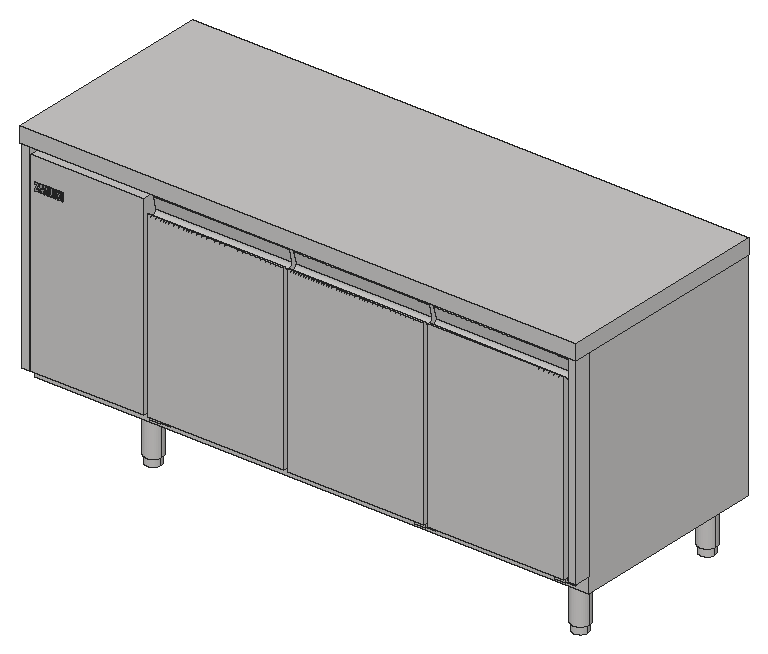
Revit family "QF_ZANUSSI_713607_ZHF3BL", category Attrezzature speciali, Revit 2018 (continued)
Definition of nested family "HPP_ZAN_BI_BT_L"
  Lines and regions (mm)
    Split face 117
      outline origin (347.5, -951.3, 50) x (1, 0, 0) y (0, 1, 0)
        loop
          line (-340.964, 599.474) -> (-298.964, 599.474)
          arc (-298.964, 599.474) -> (-294.964, 603.474) -> (-298.964, 607.474) r 4
          line (-298.964, 607.474) -> (-340.964, 607.474)
    Split face 118
      outline origin (92.5, -951.3, 50) x (1, 0, 0) y (0, 1, 0)
        loop
          arc (-305.964, 607.474) -> (-309.964, 603.474) -> (-305.964, 599.474) r 4
          line (-305.964, 599.474) -> (-263.964, 599.474)
          arc (-263.964, 599.474) -> (-259.964, 603.474) -> (-263.964, 607.474) r 4
          line (-263.964, 607.474) -> (-305.964, 607.474)
    Split face 119
      outline origin (237.5, -951.3, 50) x (1, 0, 0) y (0, 1, 0)
        loop
          arc (-285.964, 607.474) -> (-289.964, 603.474) -> (-285.964, 599.474) r 4
          line (-285.964, 599.474) -> (-243.964, 599.474)
          arc (-243.964, 599.474) -> (-239.964, 603.474) -> (-243.964, 607.474) r 4
          line (-243.964, 607.474) -> (-285.964, 607.474)
    Split face 120
      outline origin (-17.5, -975.3, 50) x (1, 0, 0) y (0, 1, 0)
        loop
          arc (-250.964, 619.474) -> (-254.964, 615.474) -> (-250.964, 611.474) r 4
          line (-250.964, 611.474) -> (-208.964, 611.474)
          arc (-208.964, 611.474) -> (-204.964, 615.474) -> (-208.964, 619.474) r 4
          line (-208.964, 619.474) -> (-250.964, 619.474)
    Split face 121
      outline origin (347.5, -975.3, 50) x (1, 0, 0) y (0, 1, 0)
        loop
          arc (-340.964, 619.474) -> (-344.964, 615.474) -> (-340.964, 611.474) r 4
          line (-340.964, 611.474) -> (-298.964, 611.474)
          arc (-298.964, 611.474) -> (-294.964, 615.474) -> (-298.964, 619.474) r 4
          line (-298.964, 619.474) -> (-340.964, 619.474)
    Split face 122
      outline origin (92.5, -975.3, 50) x (1, 0, 0) y (0, 1, 0)
        loop
          arc (-305.964, 619.474) -> (-309.964, 615.474) -> (-305.964, 611.474) r 4
          line (-305.964, 611.474) -> (-263.964, 611.474)
          arc (-263.964, 611.474) -> (-259.964, 615.474) -> (-263.964, 619.474) r 4
          line (-263.964, 619.474) -> (-305.964, 619.474)
    Split face 123
      outline origin (237.5, -975.3, 50) x (1, 0, 0) y (0, 1, 0)
        loop
          arc (-285.964, 619.474) -> (-289.964, 615.474) -> (-285.964, 611.474) r 4
          line (-285.964, 611.474) -> (-243.964, 611.474)
          arc (-243.964, 611.474) -> (-239.964, 615.474) -> (-243.964, 619.474) r 4
          line (-243.964, 619.474) -> (-285.964, 619.474)
    Split face 124
      outline origin (-17.5, -999.3, 50) x (1, 0, 0) y (0, 1, 0)
        loop
          arc (-250.964, 631.474) -> (-254.964, 627.474) -> (-250.964, 623.474) r 4
          line (-250.964, 623.474) -> (-208.964, 623.474)
          arc (-208.964, 623.474) -> (-204.964, 627.474) -> (-208.964, 631.474) r 4
          line (-208.964, 631.474) -> (-250.964, 631.474)
    Split face 125
      outline origin (347.5, -999.3, 50) x (1, 0, 0) y (0, 1, 0)
        loop
          arc (-340.964, 631.474) -> (-344.964, 627.474) -> (-340.964, 623.474) r 4
          line (-340.964, 623.474) -> (-298.964, 623.474)
          arc (-298.964, 623.474) -> (-294.964, 627.474) -> (-298.964, 631.474) r 4
          line (-298.964, 631.474) -> (-340.964, 631.474)
    Split face 126
      outline origin (92.5, -999.3, 50) x (1, 0, 0) y (0, 1, 0)
        loop
          arc (-305.964, 631.474) -> (-309.964, 627.474) -> (-305.964, 623.474) r 4
          line (-305.964, 623.474) -> (-263.964, 623.474)
          arc (-263.964, 623.474) -> (-259.964, 627.474) -> (-263.964, 631.474) r 4
          line (-263.964, 631.474) -> (-305.964, 631.474)
    Split face 127
      outline origin (237.5, -999.3, 50) x (1, 0, 0) y (0, 1, 0)
        loop
          arc (-285.964, 631.474) -> (-289.964, 627.474) -> (-285.964, 623.474) r 4
          line (-285.964, 623.474) -> (-243.964, 623.474)
          arc (-243.964, 623.474) -> (-239.964, 627.474) -> (-243.964, 631.474) r 4
          line (-243.964, 631.474) -> (-285.964, 631.474)
    Split face 128
      outline origin (-17.5, -1023.3, 50) x (1, 0, 0) y (0, 1, 0)
        loop
          arc (-250.964, 643.474) -> (-254.964, 639.474) -> (-250.964, 635.474) r 4
          line (-250.964, 635.474) -> (-208.964, 635.474)
          arc (-208.964, 635.474) -> (-204.964, 639.474) -> (-208.964, 643.474) r 4
          line (-208.964, 643.474) -> (-250.964, 643.474)
    Split face 129
      outline origin (347.5, -1023.3, 50) x (1, 0, 0) y (0, 1, 0)
        loop
          arc (-340.964, 643.474) -> (-344.964, 639.474) -> (-340.964, 635.474) r 4
          line (-340.964, 635.474) -> (-298.964, 635.474)
          arc (-298.964, 635.474) -> (-294.964, 639.474) -> (-298.964, 643.474) r 4
          line (-298.964, 643.474) -> (-340.964, 643.474)
    Split face 130
      outline origin (92.5, -1023.3, 50) x (1, 0, 0) y (0, 1, 0)
        loop
          arc (-305.964, 643.474) -> (-309.964, 639.474) -> (-305.964, 635.474) r 4
          line (-305.964, 635.474) -> (-263.964, 635.474)
          arc (-263.964, 635.474) -> (-259.964, 639.474) -> (-263.964, 643.474) r 4
          line (-263.964, 643.474) -> (-305.964, 643.474)
    Split face 131
      outline origin (237.5, -1023.3, 50) x (1, 0, 0) y (0, 1, 0)
        loop
          arc (-285.964, 643.474) -> (-289.964, 639.474) -> (-285.964, 635.474) r 4
          line (-285.964, 635.474) -> (-243.964, 635.474)
          arc (-243.964, 635.474) -> (-239.964, 639.474) -> (-243.964, 643.474) r 4
          line (-243.964, 643.474) -> (-285.964, 643.474)
    Split face 132
      outline origin (0, 0, 50) x (1, 0, 0) y (0, 1, 0)
        loop
          arc (-198.305, 119) -> (-179.016, 127.543) -> (-163.366, 141.689) r 66.613
          arc (-163.366, 141.689) -> (-159.055, 152.578) -> (-161.639, 164) r 19.83
    Split face 133
      outline origin (0, 0, 50) x (1, 0, 0) y (0, 1, 0)
        loop
          arc (-186.275, 119) -> (-172.312, 128.003) -> (-161.038, 140.208) r 66.007
          arc (-161.038, 140.208) -> (-157.063, 151.991) -> (-160.294, 164) r 21.447
    Split face 134
      outline origin (-10, 0, 50) x (1, 0, 0) y (0, 1, 0)
        loop
          line (29.08, 150) -> (29.08, 142.5) -> (36.58, 142.5) -> (36.58, 150) -> (29.08, 150)
    Split face 135
      outline origin (-10, 0, 50) x (1, 0, 0) y (0, 1, 0)
        loop
          line (19.58, 150) -> (19.58, 142.5) -> (27.08, 142.5) -> (27.08, 150) -> (19.58, 150)
    Split face 136
      outline origin (-10, 0, 50) x (1, 0, 0) y (0, 1, 0)
        loop
          line (19.58, 140.5) -> (19.58, 133) -> (27.08, 133) -> (27.08, 140.5) -> (19.58, 140.5)
    Split face 137
      outline origin (-0.5, 0, 50) x (1, 0, 0) y (0, 1, 0)
        loop
          line (19.58, 140.5) -> (19.58, 133) -> (27.08, 133) -> (27.08, 140.5) -> (19.58, 140.5)
    Split face 138
      outline origin (237.5, 0, 50) x (1, 0, 0) y (0, 1, 0)
        loop
          arc (-340.964, 107.824) -> (-344.964, 103.824) -> (-340.964, 99.824) r 4
          line (-340.964, 99.824) -> (-298.964, 99.824)
          arc (-298.964, 99.824) -> (-294.964, 103.824) -> (-298.964, 107.824) r 4
          line (-298.964, 107.824) -> (-340.964, 107.824)
    Split face 139
      outline origin (237.5, -24, 50) x (1, 0, 0) y (0, 1, 0)
        loop
          arc (-340.964, 119.824) -> (-344.964, 115.824) -> (-340.964, 111.824) r 4
          line (-340.964, 111.824) -> (-298.964, 111.824)
          arc (-298.964, 111.824) -> (-294.964, 115.824) -> (-298.964, 119.824) r 4
          line (-298.964, 119.824) -> (-340.964, 119.824)
    Split face 140
      outline origin (237.5, -48, 50) x (1, 0, 0) y (0, 1, 0)
        loop
          arc (-340.964, 131.824) -> (-344.964, 127.824) -> (-340.964, 123.824) r 4
          line (-340.964, 123.824) -> (-298.964, 123.824)
          arc (-298.964, 123.824) -> (-294.964, 127.824) -> (-298.964, 131.824) r 4
          line (-298.964, 131.824) -> (-340.964, 131.824)
    Split face 141
      outline origin (237.5, -72, 50) x (1, 0, 0) y (0, 1, 0)
        loop
          arc (-340.964, 143.824) -> (-344.964, 139.824) -> (-340.964, 135.824) r 4
          line (-340.964, 135.824) -> (-298.964, 135.824)
          arc (-298.964, 135.824) -> (-294.964, 139.824) -> (-298.964, 143.824) r 4
          line (-298.964, 143.824) -> (-340.964, 143.824)
    Split face 142
      outline origin (237.5, -96, 50) x (1, 0, 0) y (0, 1, 0)
        loop
          arc (-340.964, 155.824) -> (-344.964, 151.824) -> (-340.964, 147.824) r 4
          line (-340.964, 147.824) -> (-298.964, 147.824)
          arc (-298.964, 147.824) -> (-294.964, 151.824) -> (-298.964, 155.824) r 4
          line (-298.964, 155.824) -> (-340.964, 155.824)
    Split face 143
      outline origin (237.5, -120, 50) x (1, 0, 0) y (0, 1, 0)
        loop
          arc (-340.964, 167.824) -> (-344.964, 163.824) -> (-340.964, 159.824) r 4
          line (-340.964, 159.824) -> (-298.964, 159.824)
          arc (-298.964, 159.824) -> (-294.964, 163.824) -> (-298.964, 167.824) r 4
          line (-298.964, 167.824) -> (-340.964, 167.824)
    Split face 144
      outline origin (237.5, -144, 50) x (1, 0, 0) y (0, 1, 0)
        loop
          arc (-340.964, 179.824) -> (-344.964, 175.824) -> (-340.964, 171.824) r 4
          line (-340.964, 171.824) -> (-298.964, 171.824)
          arc (-298.964, 171.824) -> (-294.964, 175.824) -> (-298.964, 179.824) r 4
          line (-298.964, 179.824) -> (-340.964, 179.824)
    Split face 145
      outline origin (237.5, -168, 50) x (1, 0, 0) y (0, 1, 0)
        loop
          arc (-340.964, 191.824) -> (-344.964, 187.824) -> (-340.964, 183.824) r 4
          line (-340.964, 183.824) -> (-298.964, 183.824)
          arc (-298.964, 183.824) -> (-294.964, 187.824) -> (-298.964, 191.824) r 4
          line (-298.964, 191.824) -> (-340.964, 191.824)
    Split face 146
      outline origin (237.5, -192, 50) x (1, 0, 0) y (0, 1, 0)
        loop
          arc (-340.964, 203.824) -> (-344.964, 199.824) -> (-340.964, 195.824) r 4
          line (-340.964, 195.824) -> (-298.964, 195.824)
          arc (-298.964, 195.824) -> (-294.964, 199.824) -> (-298.964, 203.824) r 4
          line (-298.964, 203.824) -> (-340.964, 203.824)
    Split face 147
      outline origin (237.5, -216, 50) x (1, 0, 0) y (0, 1, 0)
        loop
          arc (-340.964, 215.824) -> (-344.964, 211.824) -> (-340.964, 207.824) r 4
          line (-340.964, 207.824) -> (-298.964, 207.824)
          arc (-298.964, 207.824) -> (-294.964, 211.824) -> (-298.964, 215.824) r 4
          line (-298.964, 215.824) -> (-340.964, 215.824)
    Split face 148
      outline origin (237.5, -240, 50) x (1, 0, 0) y (0, 1, 0)
        loop
          arc (-340.964, 227.824) -> (-344.964, 223.824) -> (-340.964, 219.824) r 4
          line (-340.964, 219.824) -> (-298.964, 219.824)
          arc (-298.964, 219.824) -> (-294.964, 223.824) -> (-298.964, 227.824) r 4
          line (-298.964, 227.824) -> (-340.964, 227.824)
    Split face 149
      outline origin (237.5, -264, 50) x (1, 0, 0) y (0, 1, 0)
        loop
          arc (-340.964, 239.824) -> (-344.964, 235.824) -> (-340.964, 231.824) r 4
          line (-340.964, 231.824) -> (-298.964, 231.824)
          arc (-298.964, 231.824) -> (-294.964, 235.824) -> (-298.964, 239.824) r 4
          line (-298.964, 239.824) -> (-340.964, 239.824)
    Split face 150
      outline origin (237.5, -288, 50) x (1, 0, 0) y (0, 1, 0)
        loop
          arc (-340.964, 251.824) -> (-344.964, 247.824) -> (-340.964, 243.824) r 4
          line (-340.964, 243.824) -> (-298.964, 243.824)
          arc (-298.964, 243.824) -> (-294.964, 247.824) -> (-298.964, 251.824) r 4
          line (-298.964, 251.824) -> (-340.964, 251.824)
    Split face 151
      outline origin (237.5, -312, 50) x (1, 0, 0) y (0, 1, 0)
        loop
          arc (-340.964, 263.824) -> (-344.964, 259.824) -> (-340.964, 255.824) r 4
          line (-340.964, 255.824) -> (-298.964, 255.824)
          arc (-298.964, 255.824) -> (-294.964, 259.824) -> (-298.964, 263.824) r 4
          line (-298.964, 263.824) -> (-340.964, 263.824)
    Split face 152
      outline origin (237.5, -336, 50) x (1, 0, 0) y (0, 1, 0)
        loop
          arc (-340.964, 275.824) -> (-344.964, 271.824) -> (-340.964, 267.824) r 4
          line (-340.964, 267.824) -> (-298.964, 267.824)
          arc (-298.964, 267.824) -> (-294.964, 271.824) -> (-298.964, 275.824) r 4
          line (-298.964, 275.824) -> (-340.964, 275.824)
    Split face 153
      outline origin (237.5, -360, 50) x (1, 0, 0) y (0, 1, 0)
        loop
          arc (-340.964, 287.824) -> (-344.964, 283.824) -> (-340.964, 279.824) r 4
          line (-340.964, 279.824) -> (-298.964, 279.824)
          arc (-298.964, 279.824) -> (-294.964, 283.824) -> (-298.964, 287.824) r 4
          line (-298.964, 287.824) -> (-340.964, 287.824)
    Split face 154
      outline origin (237.5, -663.3, 50) x (1, 0, 0) y (0, 1, 0)
        loop
          arc (-340.964, 463.474) -> (-344.964, 459.474) -> (-340.964, 455.474) r 4
          line (-340.964, 455.474) -> (-298.964, 455.474)
          arc (-298.964, 455.474) -> (-294.964, 459.474) -> (-298.964, 463.474) r 4
          line (-298.964, 463.474) -> (-340.964, 463.474)
    Split face 155
      outline origin (237.5, -687.3, 50) x (1, 0, 0) y (0, 1, 0)
        loop
          arc (-340.964, 475.474) -> (-344.964, 471.474) -> (-340.964, 467.474) r 4
          line (-340.964, 467.474) -> (-298.964, 467.474)
          arc (-298.964, 467.474) -> (-294.964, 471.474) -> (-298.964, 475.474) r 4
          line (-298.964, 475.474) -> (-340.964, 475.474)
    Split face 156
      outline origin (237.5, -711.3, 50) x (1, 0, 0) y (0, 1, 0)
        loop
          arc (-340.964, 487.474) -> (-344.964, 483.474) -> (-340.964, 479.474) r 4
          line (-340.964, 479.474) -> (-298.964, 479.474)
          arc (-298.964, 479.474) -> (-294.964, 483.474) -> (-298.964, 487.474) r 4
          line (-298.964, 487.474) -> (-340.964, 487.474)
    Split face 157
      outline origin (237.5, -735.3, 50) x (1, 0, 0) y (0, 1, 0)
        loop
          arc (-340.964, 499.474) -> (-344.964, 495.474) -> (-340.964, 491.474) r 4
          line (-340.964, 491.474) -> (-298.964, 491.474)
          arc (-298.964, 491.474) -> (-294.964, 495.474) -> (-298.964, 499.474) r 4
          line (-298.964, 499.474) -> (-340.964, 499.474)
    Split face 158
      outline origin (237.5, -759.3, 50) x (1, 0, 0) y (0, 1, 0)
        loop
          arc (-340.964, 511.474) -> (-344.964, 507.474) -> (-340.964, 503.474) r 4
          line (-340.964, 503.474) -> (-298.964, 503.474)
          arc (-298.964, 503.474) -> (-294.964, 507.474) -> (-298.964, 511.474) r 4
          line (-298.964, 511.474) -> (-340.964, 511.474)
    Split face 159
      outline origin (237.5, -783.3, 50) x (1, 0, 0) y (0, 1, 0)
        loop
          arc (-340.964, 523.474) -> (-344.964, 519.474) -> (-340.964, 515.474) r 4
          line (-340.964, 515.474) -> (-298.964, 515.474)
          arc (-298.964, 515.474) -> (-294.964, 519.474) -> (-298.964, 523.474) r 4
          line (-298.964, 523.474) -> (-340.964, 523.474)
    Split face 160
      outline origin (237.5, -807.3, 50) x (1, 0, 0) y (0, 1, 0)
        loop
          arc (-340.964, 535.474) -> (-344.964, 531.474) -> (-340.964, 527.474) r 4
          line (-340.964, 527.474) -> (-298.964, 527.474)
          arc (-298.964, 527.474) -> (-294.964, 531.474) -> (-298.964, 535.474) r 4
          line (-298.964, 535.474) -> (-340.964, 535.474)
    Split face 161
      outline origin (237.5, -831.3, 50) x (1, 0, 0) y (0, 1, 0)
        loop
          arc (-340.964, 547.474) -> (-344.964, 543.474) -> (-340.964, 539.474) r 4
          line (-340.964, 539.474) -> (-298.964, 539.474)
          arc (-298.964, 539.474) -> (-294.964, 543.474) -> (-298.964, 547.474) r 4
          line (-298.964, 547.474) -> (-340.964, 547.474)
    Split face 162
      outline origin (237.5, -855.3, 50) x (1, 0, 0) y (0, 1, 0)
        loop
          arc (-340.964, 559.474) -> (-344.964, 555.474) -> (-340.964, 551.474) r 4
          line (-340.964, 551.474) -> (-298.964, 551.474)
          arc (-298.964, 551.474) -> (-294.964, 555.474) -> (-298.964, 559.474) r 4
          line (-298.964, 559.474) -> (-340.964, 559.474)
    Split face 163
      outline origin (237.5, -879.3, 50) x (1, 0, 0) y (0, 1, 0)
        loop
          arc (-340.964, 571.474) -> (-344.964, 567.474) -> (-340.964, 563.474) r 4
          line (-340.964, 563.474) -> (-298.964, 563.474)
          arc (-298.964, 563.474) -> (-294.964, 567.474) -> (-298.964, 571.474) r 4
          line (-298.964, 571.474) -> (-340.964, 571.474)
    Split face 164
      outline origin (237.5, -903.3, 50) x (1, 0, 0) y (0, 1, 0)
        loop
          arc (-340.964, 583.474) -> (-344.964, 579.474) -> (-340.964, 575.474) r 4
          line (-340.964, 575.474) -> (-298.964, 575.474)
          arc (-298.964, 575.474) -> (-294.964, 579.474) -> (-298.964, 583.474) r 4
          line (-298.964, 583.474) -> (-340.964, 583.474)
    Split face 165
      outline origin (237.5, -927.3, 50) x (1, 0, 0) y (0, 1, 0)
        loop
          arc (-340.964, 595.474) -> (-344.964, 591.474) -> (-340.964, 587.474) r 4
          line (-340.964, 587.474) -> (-298.964, 587.474)
          arc (-298.964, 587.474) -> (-294.964, 591.474) -> (-298.964, 595.474) r 4
          line (-298.964, 595.474) -> (-340.964, 595.474)
    Split face 166
      outline origin (237.5, -951.3, 50) x (1, 0, 0) y (0, 1, 0)
        loop
          arc (-340.964, 607.474) -> (-344.964, 603.474) -> (-340.964, 599.474) r 4
          line (-340.964, 599.474) -> (-298.964, 599.474)
          arc (-298.964, 599.474) -> (-294.964, 603.474) -> (-298.964, 607.474) r 4
          line (-298.964, 607.474) -> (-340.964, 607.474)
    Split face 167
      outline origin (237.5, -975.3, 50) x (1, 0, 0) y (0, 1, 0)
        loop
          arc (-340.964, 619.474) -> (-344.964, 615.474) -> (-340.964, 611.474) r 4
          line (-340.964, 611.474) -> (-298.964, 611.474)
          arc (-298.964, 611.474) -> (-294.964, 615.474) -> (-298.964, 619.474) r 4
          line (-298.964, 619.474) -> (-340.964, 619.474)
    Split face 168
      outline origin (237.5, -999.3, 50) x (1, 0, 0) y (0, 1, 0)
        loop
          arc (-340.964, 631.474) -> (-344.964, 627.474) -> (-340.964, 623.474) r 4
          line (-340.964, 623.474) -> (-298.964, 623.474)
          arc (-298.964, 623.474) -> (-294.964, 627.474) -> (-298.964, 631.474) r 4
          line (-298.964, 631.474) -> (-340.964, 631.474)
    Split face 169
      outline origin (237.5, -1023.3, 50) x (1, 0, 0) y (0, 1, 0)
        loop
          arc (-340.964, 643.474) -> (-344.964, 639.474) -> (-340.964, 635.474) r 4
          line (-340.964, 635.474) -> (-298.964, 635.474)
          arc (-298.964, 635.474) -> (-294.964, 639.474) -> (-298.964, 643.474) r 4
          line (-298.964, 643.474) -> (-340.964, 643.474)
    Split face 170
      outline origin (147.5, 0, 50) x (1, 0, 0) y (0, 1, 0)
        loop
          arc (-305.964, 107.824) -> (-309.964, 103.824) -> (-305.964, 99.824) r 4
          line (-305.964, 99.824) -> (-263.964, 99.824)
          arc (-263.964, 99.824) -> (-259.964, 103.824) -> (-263.964, 107.824) r 4
          line (-263.964, 107.824) -> (-305.964, 107.824)
    Split face 171
      outline origin (147.5, -24, 50) x (1, 0, 0) y (0, 1, 0)
        loop
          arc (-305.964, 119.824) -> (-309.964, 115.824) -> (-305.964, 111.824) r 4
          line (-305.964, 111.824) -> (-263.964, 111.824)
          arc (-263.964, 111.824) -> (-259.964, 115.824) -> (-263.964, 119.824) r 4
          line (-263.964, 119.824) -> (-305.964, 119.824)
    Split face 172
      outline origin (147.5, -48, 50) x (1, 0, 0) y (0, 1, 0)
        loop
          arc (-305.964, 131.824) -> (-309.964, 127.824) -> (-305.964, 123.824) r 4
          line (-305.964, 123.824) -> (-263.964, 123.824)
          arc (-263.964, 123.824) -> (-259.964, 127.824) -> (-263.964, 131.824) r 4
          line (-263.964, 131.824) -> (-305.964, 131.824)
    Split face 173
      outline origin (147.5, -72, 50) x (1, 0, 0) y (0, 1, 0)
        loop
          arc (-305.964, 143.824) -> (-309.964, 139.824) -> (-305.964, 135.824) r 4
          line (-305.964, 135.824) -> (-263.964, 135.824)
          arc (-263.964, 135.824) -> (-259.964, 139.824) -> (-263.964, 143.824) r 4
          line (-263.964, 143.824) -> (-305.964, 143.824)
    Split face 174
      outline origin (147.5, -96, 50) x (1, 0, 0) y (0, 1, 0)
        loop
          arc (-305.964, 155.824) -> (-309.964, 151.824) -> (-305.964, 147.824) r 4
          line (-305.964, 147.824) -> (-263.964, 147.824)
          arc (-263.964, 147.824) -> (-259.964, 151.824) -> (-263.964, 155.824) r 4
          line (-263.964, 155.824) -> (-305.964, 155.824)
    Split face 175
      outline origin (147.5, -120, 50) x (1, 0, 0) y (0, 1, 0)
        loop
          arc (-305.964, 167.824) -> (-309.964, 163.824) -> (-305.964, 159.824) r 4
          line (-305.964, 159.824) -> (-263.964, 159.824)
          arc (-263.964, 159.824) -> (-259.964, 163.824) -> (-263.964, 167.824) r 4
          line (-263.964, 167.824) -> (-305.964, 167.824)
    Split face 176
      outline origin (147.5, -144, 50) x (1, 0, 0) y (0, 1, 0)
        loop
          arc (-305.964, 179.824) -> (-309.964, 175.824) -> (-305.964, 171.824) r 4
          line (-305.964, 171.824) -> (-263.964, 171.824)
          arc (-263.964, 171.824) -> (-259.964, 175.824) -> (-263.964, 179.824) r 4
          line (-263.964, 179.824) -> (-305.964, 179.824)
    Split face 177
      outline origin (147.5, -168, 50) x (1, 0, 0) y (0, 1, 0)
        loop
          arc (-305.964, 191.824) -> (-309.964, 187.824) -> (-305.964, 183.824) r 4
          line (-305.964, 183.824) -> (-263.964, 183.824)
          arc (-263.964, 183.824) -> (-259.964, 187.824) -> (-263.964, 191.824) r 4
          line (-263.964, 191.824) -> (-305.964, 191.824)
    Split face 178
      outline origin (147.5, -192, 50) x (1, 0, 0) y (0, 1, 0)
        loop
          arc (-305.964, 203.824) -> (-309.964, 199.824) -> (-305.964, 195.824) r 4
          line (-305.964, 195.824) -> (-263.964, 195.824)
          arc (-263.964, 195.824) -> (-259.964, 199.824) -> (-263.964, 203.824) r 4
          line (-263.964, 203.824) -> (-305.964, 203.824)
    Split face 179
      outline origin (147.5, -216, 50) x (1, 0, 0) y (0, 1, 0)
        loop
          arc (-305.964, 215.824) -> (-309.964, 211.824) -> (-305.964, 207.824) r 4
          line (-305.964, 207.824) -> (-263.964, 207.824)
          arc (-263.964, 207.824) -> (-259.964, 211.824) -> (-263.964, 215.824) r 4
          line (-263.964, 215.824) -> (-305.964, 215.824)
    Split face 180
      outline origin (147.5, -240, 50) x (1, 0, 0) y (0, 1, 0)
        loop
          arc (-305.964, 227.824) -> (-309.964, 223.824) -> (-305.964, 219.824) r 4
          line (-305.964, 219.824) -> (-263.964, 219.824)
          arc (-263.964, 219.824) -> (-259.964, 223.824) -> (-263.964, 227.824) r 4
          line (-263.964, 227.824) -> (-305.964, 227.824)
    Split face 181
      outline origin (147.5, -264, 50) x (1, 0, 0) y (0, 1, 0)
        loop
          arc (-305.964, 239.824) -> (-309.964, 235.824) -> (-305.964, 231.824) r 4
          line (-305.964, 231.824) -> (-263.964, 231.824)
          arc (-263.964, 231.824) -> (-259.964, 235.824) -> (-263.964, 239.824) r 4
          line (-263.964, 239.824) -> (-305.964, 239.824)
    Split face 182
      outline origin (147.5, -288, 50) x (1, 0, 0) y (0, 1, 0)
        loop
          arc (-305.964, 251.824) -> (-309.964, 247.824) -> (-305.964, 243.824) r 4
          line (-305.964, 243.824) -> (-263.964, 243.824)
          arc (-263.964, 243.824) -> (-259.964, 247.824) -> (-263.964, 251.824) r 4
          line (-263.964, 251.824) -> (-305.964, 251.824)
    Split face 183
      outline origin (147.5, -312, 50) x (1, 0, 0) y (0, 1, 0)
        loop
          arc (-305.964, 263.824) -> (-309.964, 259.824) -> (-305.964, 255.824) r 4
          line (-305.964, 255.824) -> (-263.964, 255.824)
          arc (-263.964, 255.824) -> (-259.964, 259.824) -> (-263.964, 263.824) r 4
          line (-263.964, 263.824) -> (-305.964, 263.824)
    Split face 184
      outline origin (147.5, -336, 50) x (1, 0, 0) y (0, 1, 0)
        loop
          arc (-305.964, 275.824) -> (-309.964, 271.824) -> (-305.964, 267.824) r 4
          line (-305.964, 267.824) -> (-263.964, 267.824)
          arc (-263.964, 267.824) -> (-259.964, 271.824) -> (-263.964, 275.824) r 4
          line (-263.964, 275.824) -> (-305.964, 275.824)
    Split face 185
      outline origin (147.5, -360, 50) x (1, 0, 0) y (0, 1, 0)
        loop
          arc (-305.964, 287.824) -> (-309.964, 283.824) -> (-305.964, 279.824) r 4
          line (-305.964, 279.824) -> (-263.964, 279.824)
          arc (-263.964, 279.824) -> (-259.964, 283.824) -> (-263.964, 287.824) r 4
          line (-263.964, 287.824) -> (-305.964, 287.824)
    Split face 186
      outline origin (147.5, -663.3, 50) x (1, 0, 0) y (0, 1, 0)
        loop
          arc (-305.964, 463.474) -> (-309.964, 459.474) -> (-305.964, 455.474) r 4
          line (-305.964, 455.474) -> (-263.964, 455.474)
          arc (-263.964, 455.474) -> (-259.964, 459.474) -> (-263.964, 463.474) r 4
          line (-263.964, 463.474) -> (-305.964, 463.474)
    Split face 187
      outline origin (147.5, -687.3, 50) x (1, 0, 0) y (0, 1, 0)
        loop
          arc (-305.964, 475.474) -> (-309.964, 471.474) -> (-305.964, 467.474) r 4
          line (-305.964, 467.474) -> (-263.964, 467.474)
          arc (-263.964, 467.474) -> (-259.964, 471.474) -> (-263.964, 475.474) r 4
          line (-263.964, 475.474) -> (-305.964, 475.474)
    Split face 188
      outline origin (147.5, -711.3, 50) x (1, 0, 0) y (0, 1, 0)
        loop
          arc (-305.964, 487.474) -> (-309.964, 483.474) -> (-305.964, 479.474) r 4
          line (-305.964, 479.474) -> (-263.964, 479.474)
          arc (-263.964, 479.474) -> (-259.964, 483.474) -> (-263.964, 487.474) r 4
          line (-263.964, 487.474) -> (-305.964, 487.474)
    Split face 189
      outline origin (147.5, -735.3, 50) x (1, 0, 0) y (0, 1, 0)
        loop
          arc (-305.964, 499.474) -> (-309.964, 495.474) -> (-305.964, 491.474) r 4
          line (-305.964, 491.474) -> (-263.964, 491.474)
          arc (-263.964, 491.474) -> (-259.964, 495.474) -> (-263.964, 499.474) r 4
          line (-263.964, 499.474) -> (-305.964, 499.474)
    Split face 190
      outline origin (147.5, -759.3, 50) x (1, 0, 0) y (0, 1, 0)
        loop
          arc (-305.964, 511.474) -> (-309.964, 507.474) -> (-305.964, 503.474) r 4
          line (-305.964, 503.474) -> (-263.964, 503.474)
          arc (-263.964, 503.474) -> (-259.964, 507.474) -> (-263.964, 511.474) r 4
          line (-263.964, 511.474) -> (-305.964, 511.474)
    Split face 191
      outline origin (147.5, -783.3, 50) x (1, 0, 0) y (0, 1, 0)
        loop
          arc (-305.964, 523.474) -> (-309.964, 519.474) -> (-305.964, 515.474) r 4
          line (-305.964, 515.474) -> (-263.964, 515.474)
          arc (-263.964, 515.474) -> (-259.964, 519.474) -> (-263.964, 523.474) r 4
          line (-263.964, 523.474) -> (-305.964, 523.474)
    Split face 192
      outline origin (147.5, -807.3, 50) x (1, 0, 0) y (0, 1, 0)
        loop
          arc (-305.964, 535.474) -> (-309.964, 531.474) -> (-305.964, 527.474) r 4
          line (-305.964, 527.474) -> (-263.964, 527.474)
          arc (-263.964, 527.474) -> (-259.964, 531.474) -> (-263.964, 535.474) r 4
          line (-263.964, 535.474) -> (-305.964, 535.474)
    Split face 193
      outline origin (147.5, -831.3, 50) x (1, 0, 0) y (0, 1, 0)
        loop
          arc (-305.964, 547.474) -> (-309.964, 543.474) -> (-305.964, 539.474) r 4
          line (-305.964, 539.474) -> (-263.964, 539.474)
          arc (-263.964, 539.474) -> (-259.964, 543.474) -> (-263.964, 547.474) r 4
          line (-263.964, 547.474) -> (-305.964, 547.474)
    Split face 194
      outline origin (147.5, -855.3, 50) x (1, 0, 0) y (0, 1, 0)
        loop
          arc (-305.964, 559.474) -> (-309.964, 555.474) -> (-305.964, 551.474) r 4
          line (-305.964, 551.474) -> (-263.964, 551.474)
          arc (-263.964, 551.474) -> (-259.964, 555.474) -> (-263.964, 559.474) r 4
          line (-263.964, 559.474) -> (-305.964, 559.474)
    Split face 195
      outline origin (147.5, -879.3, 50) x (1, 0, 0) y (0, 1, 0)
        loop
          arc (-305.964, 571.474) -> (-309.964, 567.474) -> (-305.964, 563.474) r 4
          line (-305.964, 563.474) -> (-263.964, 563.474)
          arc (-263.964, 563.474) -> (-259.964, 567.474) -> (-263.964, 571.474) r 4
          line (-263.964, 571.474) -> (-305.964, 571.474)
    Split face 196
      outline origin (147.5, -903.3, 50) x (1, 0, 0) y (0, 1, 0)
        loop
          arc (-305.964, 583.474) -> (-309.964, 579.474) -> (-305.964, 575.474) r 4
          line (-305.964, 575.474) -> (-263.964, 575.474)
          arc (-263.964, 575.474) -> (-259.964, 579.474) -> (-263.964, 583.474) r 4
          line (-263.964, 583.474) -> (-305.964, 583.474)
    Split face 197
      outline origin (147.5, -927.3, 50) x (1, 0, 0) y (0, 1, 0)
        loop
          arc (-305.964, 595.474) -> (-309.964, 591.474) -> (-305.964, 587.474) r 4
          line (-305.964, 587.474) -> (-263.964, 587.474)
          arc (-263.964, 587.474) -> (-259.964, 591.474) -> (-263.964, 595.474) r 4
          line (-263.964, 595.474) -> (-305.964, 595.474)
    Split face 198
      outline origin (147.5, -951.3, 50) x (1, 0, 0) y (0, 1, 0)
        loop
          arc (-305.964, 607.474) -> (-309.964, 603.474) -> (-305.964, 599.474) r 4
          line (-305.964, 599.474) -> (-263.964, 599.474)
          arc (-263.964, 599.474) -> (-259.964, 603.474) -> (-263.964, 607.474) r 4
          line (-263.964, 607.474) -> (-305.964, 607.474)
    Split face 199
      outline origin (147.5, -975.3, 50) x (1, 0, 0) y (0, 1, 0)
        loop
          arc (-305.964, 619.474) -> (-309.964, 615.474) -> (-305.964, 611.474) r 4
          line (-305.964, 611.474) -> (-263.964, 611.474)
          arc (-263.964, 611.474) -> (-259.964, 615.474) -> (-263.964, 619.474) r 4
          line (-263.964, 619.474) -> (-305.964, 619.474)
    Split face 200
      outline origin (147.5, -999.3, 50) x (1, 0, 0) y (0, 1, 0)
        loop
          arc (-305.964, 631.474) -> (-309.964, 627.474) -> (-305.964, 623.474) r 4
          line (-305.964, 623.474) -> (-263.964, 623.474)
          arc (-263.964, 623.474) -> (-259.964, 627.474) -> (-263.964, 631.474) r 4
          line (-263.964, 631.474) -> (-305.964, 631.474)
    Split face 201
      outline origin (147.5, -1023.3, 50) x (1, 0, 0) y (0, 1, 0)
        loop
          arc (-305.964, 643.474) -> (-309.964, 639.474) -> (-305.964, 635.474) r 4
          line (-305.964, 635.474) -> (-263.964, 635.474)
          arc (-263.964, 635.474) -> (-259.964, 639.474) -> (-263.964, 643.474) r 4
          line (-263.964, 643.474) -> (-305.964, 643.474)
    symbolic lines
      curve 1: line (99.58, -86, 50) -> (99.58, -86, 0)
  Dimensions and locks
    equal spacing: plane 6, plane 1 "Center (Front/Back)", plane 7
    equal spacing: plane 4, plane 3 "Center (Left/Right)", plane 5
    plane 4 to plane 5 = 369 mm
    plane 6 to plane 7 = 628 mm
    aligned and locked: plane 2 to Extrusion 1
    aligned and locked: level to Extrusion 1
  Automatic sketch dimensions
    curve 1 to level = 0 mm
    plane 5 to curve 1 = 25 mm
    level to curve 1 = 50 mm
    Extrusion 1 sketch curve to Extrusion 1 sketch curve = 2438.4 mm  (x2)
    Extrusion 2 sketch curve to plane 4 = 0 mm
    Extrusion 2 sketch curve to plane 5 = 0 mm
    Extrusion 2 sketch curve to plane 7 = 0 mm
    Extrusion 2 sketch curve to plane 6 = 0 mm
    Split face 1 sketch curve to Extrusion 2 = 115 mm
    Split face 1 sketch curve to Split face 1 sketch curve = 70 mm
    Split face 1 sketch curve to Extrusion 2 = 98 mm
    Split face 1 sketch curve to Split face 1 sketch curve = 23 mm
    Split face 2 sketch curve to Extrusion 2 = 0 mm  (x2)
    Split face 2 sketch curve to Extrusion 2 = 64 mm
    Split face 3 sketch curve to Extrusion 2 = 25.956 mm
    Split face 3 sketch curve to Split face 3 sketch curve = 42 mm
    Split face 3 sketch curve to Extrusion 2 = 128.176 mm
    Split face 3 sketch curve to Split face 3 sketch curve = 4 mm
    Split face 4 sketch curve to Extrusion 2 = 68.044 mm
    Split face 4 sketch curve to Extrusion 2 = 26.044 mm
    Split face 4 sketch curve to Extrusion 2 = 128.176 mm
    Split face 4 sketch curve to Split face 4 sketch curve = 4 mm
    Split face 5 sketch curve to Extrusion 2 = 80.956 mm
    Split face 5 sketch curve to Split face 5 sketch curve = 42 mm
    Split face 5 sketch curve to Extrusion 2 = 128.176 mm
    Split face 5 sketch curve to Split face 5 sketch curve = 4 mm
    Split face 6 sketch curve to Extrusion 2 = 123.044 mm
    Split face 6 sketch curve to Split face 6 sketch curve = 42 mm
    Split face 6 sketch curve to Extrusion 2 = 128.176 mm
    Split face 6 sketch curve to Split face 6 sketch curve = 4 mm
    Split face 7 sketch curve to Extrusion 2 = 25.956 mm
    Split face 7 sketch curve to Split face 7 sketch curve = 42 mm
    Split face 7 sketch curve to Extrusion 2 = 140.176 mm
    Split face 7 sketch curve to Split face 7 sketch curve = 4 mm
    Split face 8 sketch curve to Extrusion 2 = 68.044 mm
    Split face 8 sketch curve to Extrusion 2 = 26.044 mm
    Split face 8 sketch curve to Extrusion 2 = 140.176 mm
    Split face 8 sketch curve to Split face 8 sketch curve = 4 mm
    Split face 9 sketch curve to Extrusion 2 = 80.956 mm
    Split face 9 sketch curve to Split face 9 sketch curve = 42 mm
    Split face 9 sketch curve to Extrusion 2 = 140.176 mm
    Split face 9 sketch curve to Split face 9 sketch curve = 4 mm
    Split face 10 sketch curve to Extrusion 2 = 123.044 mm
    Split face 10 sketch curve to Split face 10 sketch curve = 42 mm
    Split face 10 sketch curve to Extrusion 2 = 140.176 mm
    Split face 10 sketch curve to Split face 10 sketch curve = 4 mm
    Split face 11 sketch curve to Extrusion 2 = 25.956 mm
    Split face 11 sketch curve to Split face 11 sketch curve = 42 mm
    Split face 11 sketch curve to Extrusion 2 = 152.176 mm
    Split face 11 sketch curve to Split face 11 sketch curve = 4 mm
    Split face 12 sketch curve to Extrusion 2 = 68.044 mm
    Split face 12 sketch curve to Extrusion 2 = 26.044 mm
    Split face 12 sketch curve to Extrusion 2 = 152.176 mm
    Split face 12 sketch curve to Split face 12 sketch curve = 4 mm
    Split face 13 sketch curve to Extrusion 2 = 80.956 mm
    Split face 13 sketch curve to Split face 13 sketch curve = 42 mm
    Split face 13 sketch curve to Extrusion 2 = 152.176 mm
    Split face 13 sketch curve to Split face 13 sketch curve = 4 mm
    Split face 14 sketch curve to Extrusion 2 = 123.044 mm
    Split face 14 sketch curve to Split face 14 sketch curve = 42 mm
    Split face 14 sketch curve to Extrusion 2 = 152.176 mm
    Split face 14 sketch curve to Split face 14 sketch curve = 4 mm
    Split face 15 sketch curve to Extrusion 2 = 25.956 mm
    Split face 15 sketch curve to Split face 15 sketch curve = 42 mm
    Split face 15 sketch curve to Extrusion 2 = 164.176 mm
    Split face 15 sketch curve to Split face 15 sketch curve = 4 mm
    Split face 16 sketch curve to Extrusion 2 = 68.044 mm
    Split face 16 sketch curve to Extrusion 2 = 26.044 mm
    Split face 16 sketch curve to Extrusion 2 = 164.176 mm
    Split face 16 sketch curve to Split face 16 sketch curve = 4 mm
    Split face 17 sketch curve to Extrusion 2 = 80.956 mm
    Split face 17 sketch curve to Split face 17 sketch curve = 42 mm
    Split face 17 sketch curve to Extrusion 2 = 164.176 mm
    Split face 17 sketch curve to Split face 17 sketch curve = 4 mm
    Split face 18 sketch curve to Extrusion 2 = 123.044 mm
    Split face 18 sketch curve to Split face 18 sketch curve = 42 mm
    Split face 18 sketch curve to Extrusion 2 = 164.176 mm
    Split face 18 sketch curve to Split face 18 sketch curve = 4 mm
    Split face 19 sketch curve to Extrusion 2 = 25.956 mm
    Split face 19 sketch curve to Split face 19 sketch curve = 42 mm
    Split face 19 sketch curve to Extrusion 2 = 176.176 mm
    Split face 19 sketch curve to Split face 19 sketch curve = 4 mm
    Split face 20 sketch curve to Extrusion 2 = 68.044 mm
    Split face 20 sketch curve to Extrusion 2 = 26.044 mm
    Split face 20 sketch curve to Extrusion 2 = 176.176 mm
    Split face 20 sketch curve to Split face 20 sketch curve = 4 mm
    Split face 21 sketch curve to Extrusion 2 = 80.956 mm
    Split face 21 sketch curve to Split face 21 sketch curve = 42 mm
    Split face 21 sketch curve to Extrusion 2 = 176.176 mm
    Split face 21 sketch curve to Split face 21 sketch curve = 4 mm
    Split face 22 sketch curve to Extrusion 2 = 123.044 mm
    Split face 22 sketch curve to Split face 22 sketch curve = 42 mm
    Split face 22 sketch curve to Extrusion 2 = 176.176 mm
    Split face 22 sketch curve to Split face 22 sketch curve = 4 mm
    Split face 23 sketch curve to Extrusion 2 = 25.956 mm
    Split face 23 sketch curve to Split face 23 sketch curve = 42 mm
    Split face 23 sketch curve to Extrusion 2 = 188.176 mm
    Split face 23 sketch curve to Split face 23 sketch curve = 4 mm
    Split face 24 sketch curve to Extrusion 2 = 68.044 mm
    Split face 24 sketch curve to Extrusion 2 = 26.044 mm
    Split face 24 sketch curve to Extrusion 2 = 188.176 mm
    Split face 24 sketch curve to Split face 24 sketch curve = 4 mm
    Split face 25 sketch curve to Extrusion 2 = 80.956 mm
    Split face 25 sketch curve to Split face 25 sketch curve = 42 mm
    Split face 25 sketch curve to Extrusion 2 = 188.176 mm
    Split face 25 sketch curve to Split face 25 sketch curve = 4 mm
    Split face 26 sketch curve to Extrusion 2 = 123.044 mm
    Split face 26 sketch curve to Split face 26 sketch curve = 42 mm
    Split face 26 sketch curve to Extrusion 2 = 188.176 mm
    Split face 26 sketch curve to Split face 26 sketch curve = 4 mm
    Split face 27 sketch curve to Extrusion 2 = 25.956 mm
    Split face 27 sketch curve to Split face 27 sketch curve = 42 mm
    Split face 27 sketch curve to Extrusion 2 = 200.176 mm
    Split face 27 sketch curve to Split face 27 sketch curve = 4 mm
    Split face 28 sketch curve to Extrusion 2 = 68.044 mm
    Split face 28 sketch curve to Extrusion 2 = 26.044 mm
    Split face 28 sketch curve to Extrusion 2 = 200.176 mm
    Split face 28 sketch curve to Split face 28 sketch curve = 4 mm
    Split face 29 sketch curve to Extrusion 2 = 80.956 mm
    Split face 29 sketch curve to Split face 29 sketch curve = 42 mm
    Split face 29 sketch curve to Extrusion 2 = 200.176 mm
    Split face 29 sketch curve to Split face 29 sketch curve = 4 mm
    Split face 30 sketch curve to Extrusion 2 = 123.044 mm
    Split face 30 sketch curve to Split face 30 sketch curve = 42 mm
    Split face 30 sketch curve to Extrusion 2 = 200.176 mm
    Split face 30 sketch curve to Split face 30 sketch curve = 4 mm
    Split face 31 sketch curve to Extrusion 2 = 25.956 mm
    Split face 31 sketch curve to Split face 31 sketch curve = 42 mm
    Split face 31 sketch curve to Extrusion 2 = 212.176 mm
    Split face 31 sketch curve to Split face 31 sketch curve = 4 mm
    Split face 32 sketch curve to Extrusion 2 = 68.044 mm
    Split face 32 sketch curve to Extrusion 2 = 26.044 mm
    Split face 32 sketch curve to Extrusion 2 = 212.176 mm
    Split face 32 sketch curve to Split face 32 sketch curve = 4 mm
    Split face 33 sketch curve to Extrusion 2 = 80.956 mm
    Split face 33 sketch curve to Split face 33 sketch curve = 42 mm
    Split face 33 sketch curve to Extrusion 2 = 212.176 mm
    Split face 33 sketch curve to Split face 33 sketch curve = 4 mm
    Split face 34 sketch curve to Extrusion 2 = 123.044 mm
    Split face 34 sketch curve to Split face 34 sketch curve = 42 mm
    Split face 34 sketch curve to Extrusion 2 = 212.176 mm
    Split face 34 sketch curve to Split face 34 sketch curve = 4 mm
    Split face 35 sketch curve to Extrusion 2 = 25.956 mm
    Split face 35 sketch curve to Split face 35 sketch curve = 42 mm
    Split face 35 sketch curve to Extrusion 2 = 224.176 mm
    Split face 35 sketch curve to Split face 35 sketch curve = 4 mm
    Split face 36 sketch curve to Extrusion 2 = 68.044 mm
    Split face 36 sketch curve to Extrusion 2 = 26.044 mm
    Split face 36 sketch curve to Extrusion 2 = 224.176 mm
    Split face 36 sketch curve to Split face 36 sketch curve = 4 mm
    Split face 37 sketch curve to Extrusion 2 = 80.956 mm
    Split face 37 sketch curve to Split face 37 sketch curve = 42 mm
    Split face 37 sketch curve to Extrusion 2 = 224.176 mm
    Split face 37 sketch curve to Split face 37 sketch curve = 4 mm
    Split face 38 sketch curve to Extrusion 2 = 123.044 mm
    Split face 38 sketch curve to Split face 38 sketch curve = 42 mm
    Split face 38 sketch curve to Extrusion 2 = 224.176 mm
    Split face 38 sketch curve to Split face 38 sketch curve = 4 mm
    Split face 39 sketch curve to Extrusion 2 = 25.956 mm
    Split face 39 sketch curve to Split face 39 sketch curve = 42 mm
    Split face 39 sketch curve to Extrusion 2 = 236.176 mm
    Split face 39 sketch curve to Split face 39 sketch curve = 4 mm
    Split face 40 sketch curve to Extrusion 2 = 68.044 mm
    Split face 40 sketch curve to Extrusion 2 = 26.044 mm
    Split face 40 sketch curve to Extrusion 2 = 236.176 mm
    Split face 40 sketch curve to Split face 40 sketch curve = 4 mm
    Split face 41 sketch curve to Extrusion 2 = 80.956 mm
    Split face 41 sketch curve to Split face 41 sketch curve = 42 mm
    Split face 41 sketch curve to Extrusion 2 = 236.176 mm
    Split face 41 sketch curve to Split face 41 sketch curve = 4 mm
    Split face 42 sketch curve to Extrusion 2 = 123.044 mm
    Split face 42 sketch curve to Split face 42 sketch curve = 42 mm
    Split face 42 sketch curve to Extrusion 2 = 236.176 mm
    Split face 42 sketch curve to Split face 42 sketch curve = 4 mm
    Split face 43 sketch curve to Extrusion 2 = 25.956 mm
    Split face 43 sketch curve to Split face 43 sketch curve = 42 mm
    Split face 43 sketch curve to Extrusion 2 = 248.176 mm
    Split face 43 sketch curve to Split face 43 sketch curve = 4 mm
    Split face 44 sketch curve to Extrusion 2 = 68.044 mm
    Split face 44 sketch curve to Extrusion 2 = 26.044 mm
    Split face 44 sketch curve to Extrusion 2 = 248.176 mm
    Split face 44 sketch curve to Split face 44 sketch curve = 4 mm
    Split face 45 sketch curve to Extrusion 2 = 80.956 mm
    Split face 45 sketch curve to Split face 45 sketch curve = 42 mm
    Split face 45 sketch curve to Extrusion 2 = 248.176 mm
    Split face 45 sketch curve to Split face 45 sketch curve = 4 mm
    Split face 46 sketch curve to Extrusion 2 = 123.044 mm
    Split face 46 sketch curve to Split face 46 sketch curve = 42 mm
    Split face 46 sketch curve to Extrusion 2 = 248.176 mm
    Split face 46 sketch curve to Split face 46 sketch curve = 4 mm
    Split face 47 sketch curve to Extrusion 2 = 25.956 mm
    Split face 47 sketch curve to Split face 47 sketch curve = 42 mm
    Split face 47 sketch curve to Extrusion 2 = 260.176 mm
    Split face 47 sketch curve to Split face 47 sketch curve = 4 mm
    Split face 48 sketch curve to Extrusion 2 = 68.044 mm
    Split face 48 sketch curve to Extrusion 2 = 26.044 mm
    Split face 48 sketch curve to Extrusion 2 = 260.176 mm
    Split face 48 sketch curve to Split face 48 sketch curve = 4 mm
    Split face 49 sketch curve to Extrusion 2 = 80.956 mm
    Split face 49 sketch curve to Split face 49 sketch curve = 42 mm
    Split face 49 sketch curve to Extrusion 2 = 260.176 mm
    Split face 49 sketch curve to Split face 49 sketch curve = 4 mm
    Split face 50 sketch curve to Extrusion 2 = 123.044 mm
    Split face 50 sketch curve to Split face 50 sketch curve = 42 mm
    Split face 50 sketch curve to Extrusion 2 = 260.176 mm
    Split face 50 sketch curve to Split face 50 sketch curve = 4 mm
    Split face 51 sketch curve to Extrusion 2 = 25.956 mm
    Split face 51 sketch curve to Split face 51 sketch curve = 42 mm
    Split face 51 sketch curve to Extrusion 2 = 272.176 mm
    Split face 51 sketch curve to Split face 51 sketch curve = 4 mm
    Split face 52 sketch curve to Extrusion 2 = 68.044 mm
    Split face 52 sketch curve to Extrusion 2 = 26.044 mm
    Split face 52 sketch curve to Extrusion 2 = 272.176 mm
    Split face 52 sketch curve to Split face 52 sketch curve = 4 mm
    Split face 53 sketch curve to Extrusion 2 = 80.956 mm
    Split face 53 sketch curve to Split face 53 sketch curve = 42 mm
    Split face 53 sketch curve to Extrusion 2 = 272.176 mm
    Split face 53 sketch curve to Split face 53 sketch curve = 4 mm
    Split face 54 sketch curve to Extrusion 2 = 123.044 mm
    Split face 54 sketch curve to Split face 54 sketch curve = 42 mm
    Split face 54 sketch curve to Extrusion 2 = 272.176 mm
    Split face 54 sketch curve to Split face 54 sketch curve = 4 mm
    Split face 55 sketch curve to Extrusion 2 = 25.956 mm
    Split face 55 sketch curve to Split face 55 sketch curve = 42 mm
    Split face 55 sketch curve to Extrusion 2 = 284.176 mm
    Split face 55 sketch curve to Split face 55 sketch curve = 4 mm
    Split face 56 sketch curve to Extrusion 2 = 68.044 mm
    Split face 56 sketch curve to Extrusion 2 = 26.044 mm
    Split face 56 sketch curve to Extrusion 2 = 284.176 mm
    Split face 56 sketch curve to Split face 56 sketch curve = 4 mm
    Split face 57 sketch curve to Extrusion 2 = 80.956 mm
    Split face 57 sketch curve to Split face 57 sketch curve = 42 mm
    Split face 57 sketch curve to Extrusion 2 = 284.176 mm
    Split face 57 sketch curve to Split face 57 sketch curve = 4 mm
    Split face 58 sketch curve to Extrusion 2 = 123.044 mm
    Split face 58 sketch curve to Split face 58 sketch curve = 42 mm
    Split face 58 sketch curve to Extrusion 2 = 284.176 mm
    Split face 58 sketch curve to Split face 58 sketch curve = 4 mm
    Split face 59 sketch curve to Extrusion 2 = 25.956 mm
    Split face 59 sketch curve to Split face 59 sketch curve = 42 mm
    Split face 59 sketch curve to Extrusion 2 = 296.176 mm
    Split face 59 sketch curve to Split face 59 sketch curve = 4 mm
    Split face 60 sketch curve to Extrusion 2 = 68.044 mm
    Split face 60 sketch curve to Extrusion 2 = 26.044 mm
    Split face 60 sketch curve to Extrusion 2 = 296.176 mm
    Split face 60 sketch curve to Split face 60 sketch curve = 4 mm
    Split face 61 sketch curve to Extrusion 2 = 80.956 mm
    Split face 61 sketch curve to Split face 61 sketch curve = 42 mm
    Split face 61 sketch curve to Extrusion 2 = 296.176 mm
    Split face 61 sketch curve to Split face 61 sketch curve = 4 mm
    Split face 62 sketch curve to Extrusion 2 = 123.044 mm
    Split face 62 sketch curve to Split face 62 sketch curve = 42 mm
    Split face 62 sketch curve to Extrusion 2 = 296.176 mm
    Split face 62 sketch curve to Split face 62 sketch curve = 4 mm
    Split face 63 sketch curve to Extrusion 2 = 25.956 mm
    Split face 63 sketch curve to Split face 63 sketch curve = 42 mm
    Split face 63 sketch curve to Extrusion 2 = 308.176 mm
    Split face 63 sketch curve to Split face 63 sketch curve = 4 mm
    Split face 64 sketch curve to Extrusion 2 = 68.044 mm
    Split face 64 sketch curve to Extrusion 2 = 26.044 mm
    Split face 64 sketch curve to Extrusion 2 = 308.176 mm
    Split face 64 sketch curve to Split face 64 sketch curve = 4 mm
    Split face 65 sketch curve to Extrusion 2 = 80.956 mm
    Split face 65 sketch curve to Split face 65 sketch curve = 42 mm
    Split face 65 sketch curve to Extrusion 2 = 308.176 mm
    Split face 65 sketch curve to Split face 65 sketch curve = 4 mm
    Split face 66 sketch curve to Extrusion 2 = 123.044 mm
    Split face 66 sketch curve to Split face 66 sketch curve = 42 mm
    Split face 66 sketch curve to Extrusion 2 = 308.176 mm
    Split face 66 sketch curve to Split face 66 sketch curve = 4 mm
    Split face 67 sketch curve to Extrusion 2 = 0 mm  (x2)
    Split face 67 sketch curve to Extrusion 2 = 109 mm
    Split face 68 sketch curve to Extrusion 2 = 25.956 mm
    Split face 68 sketch curve to Split face 68 sketch curve = 42 mm
    Split face 68 sketch curve to Extrusion 2 = 192.174 mm
    Split face 68 sketch curve to Split face 68 sketch curve = 4 mm
    Split face 69 sketch curve to Extrusion 2 = 68.044 mm
    Split face 69 sketch curve to Extrusion 2 = 26.044 mm
    Split face 69 sketch curve to Extrusion 2 = 192.174 mm
    Split face 69 sketch curve to Split face 69 sketch curve = 4 mm
    Split face 70 sketch curve to Extrusion 2 = 80.956 mm
    Split face 70 sketch curve to Split face 70 sketch curve = 42 mm
    Split face 70 sketch curve to Extrusion 2 = 192.174 mm
    Split face 70 sketch curve to Split face 70 sketch curve = 4 mm
    Split face 71 sketch curve to Extrusion 2 = 123.044 mm
    Split face 71 sketch curve to Split face 71 sketch curve = 42 mm
    Split face 71 sketch curve to Extrusion 2 = 192.174 mm
    Split face 71 sketch curve to Split face 71 sketch curve = 4 mm
    Split face 72 sketch curve to Extrusion 2 = 25.956 mm
    Split face 72 sketch curve to Split face 72 sketch curve = 42 mm
    Split face 72 sketch curve to Extrusion 2 = 180.174 mm
    Split face 72 sketch curve to Split face 72 sketch curve = 4 mm
    Split face 73 sketch curve to Extrusion 2 = 68.044 mm
    Split face 73 sketch curve to Extrusion 2 = 26.044 mm
    Split face 73 sketch curve to Extrusion 2 = 180.174 mm
    Split face 73 sketch curve to Split face 73 sketch curve = 4 mm
    Split face 74 sketch curve to Extrusion 2 = 80.956 mm
    Split face 74 sketch curve to Split face 74 sketch curve = 42 mm
    Split face 74 sketch curve to Extrusion 2 = 180.174 mm
    Split face 74 sketch curve to Split face 74 sketch curve = 4 mm
    Split face 75 sketch curve to Extrusion 2 = 123.044 mm
    Split face 75 sketch curve to Split face 75 sketch curve = 42 mm
    Split face 75 sketch curve to Extrusion 2 = 180.174 mm
    Split face 75 sketch curve to Split face 75 sketch curve = 4 mm
    Split face 76 sketch curve to Extrusion 2 = 25.956 mm
    Split face 76 sketch curve to Split face 76 sketch curve = 42 mm
    Split face 76 sketch curve to Extrusion 2 = 168.174 mm
    Split face 76 sketch curve to Split face 76 sketch curve = 4 mm
    Split face 77 sketch curve to Extrusion 2 = 68.044 mm
    Split face 77 sketch curve to Extrusion 2 = 26.044 mm
    Split face 77 sketch curve to Extrusion 2 = 168.174 mm
    Split face 77 sketch curve to Split face 77 sketch curve = 4 mm
    Split face 78 sketch curve to Extrusion 2 = 80.956 mm
    Split face 78 sketch curve to Split face 78 sketch curve = 42 mm
    Split face 78 sketch curve to Extrusion 2 = 168.174 mm
    Split face 78 sketch curve to Split face 78 sketch curve = 4 mm
    Split face 79 sketch curve to Extrusion 2 = 123.044 mm
    Split face 79 sketch curve to Split face 79 sketch curve = 42 mm
    Split face 79 sketch curve to Extrusion 2 = 168.174 mm
    Split face 79 sketch curve to Split face 79 sketch curve = 4 mm
    Split face 80 sketch curve to Extrusion 2 = 25.956 mm
    Split face 80 sketch curve to Split face 80 sketch curve = 42 mm
    Split face 80 sketch curve to Extrusion 2 = 156.174 mm
    Split face 80 sketch curve to Split face 80 sketch curve = 4 mm
    Split face 81 sketch curve to Extrusion 2 = 68.044 mm
    Split face 81 sketch curve to Extrusion 2 = 26.044 mm
    Split face 81 sketch curve to Extrusion 2 = 156.174 mm
    Split face 81 sketch curve to Split face 81 sketch curve = 4 mm
    Split face 82 sketch curve to Extrusion 2 = 80.956 mm
    Split face 82 sketch curve to Split face 82 sketch curve = 42 mm
    Split face 82 sketch curve to Extrusion 2 = 156.174 mm
    Split face 82 sketch curve to Split face 82 sketch curve = 4 mm
    Split face 83 sketch curve to Extrusion 2 = 123.044 mm
    Split face 83 sketch curve to Split face 83 sketch curve = 42 mm
    Split face 83 sketch curve to Extrusion 2 = 156.174 mm
    Split face 83 sketch curve to Split face 83 sketch curve = 4 mm
    Split face 84 sketch curve to Extrusion 2 = 25.956 mm
    Split face 84 sketch curve to Split face 84 sketch curve = 42 mm
    Split face 84 sketch curve to Extrusion 2 = 144.174 mm
    Split face 84 sketch curve to Split face 84 sketch curve = 4 mm
    Split face 85 sketch curve to Extrusion 2 = 68.044 mm
    Split face 85 sketch curve to Extrusion 2 = 26.044 mm
    Split face 85 sketch curve to Extrusion 2 = 144.174 mm
    Split face 85 sketch curve to Split face 85 sketch curve = 4 mm
    Split face 86 sketch curve to Extrusion 2 = 80.956 mm
    Split face 86 sketch curve to Split face 86 sketch curve = 42 mm
    Split face 86 sketch curve to Extrusion 2 = 144.174 mm
    Split face 86 sketch curve to Split face 86 sketch curve = 4 mm
    Split face 87 sketch curve to Extrusion 2 = 123.044 mm
    Split face 87 sketch curve to Split face 87 sketch curve = 42 mm
    Split face 87 sketch curve to Extrusion 2 = 144.174 mm
    Split face 87 sketch curve to Split face 87 sketch curve = 4 mm
    Split face 88 sketch curve to Extrusion 2 = 25.956 mm
    Split face 88 sketch curve to Split face 88 sketch curve = 42 mm
    Split face 88 sketch curve to Extrusion 2 = 132.174 mm
    Split face 88 sketch curve to Split face 88 sketch curve = 4 mm
    Split face 89 sketch curve to Extrusion 2 = 68.044 mm
    Split face 89 sketch curve to Extrusion 2 = 26.044 mm
    Split face 89 sketch curve to Extrusion 2 = 132.174 mm
    Split face 89 sketch curve to Split face 89 sketch curve = 4 mm
    Split face 90 sketch curve to Extrusion 2 = 80.956 mm
    Split face 90 sketch curve to Split face 90 sketch curve = 42 mm
    Split face 90 sketch curve to Extrusion 2 = 132.174 mm
    Split face 90 sketch curve to Split face 90 sketch curve = 4 mm
    Split face 91 sketch curve to Extrusion 2 = 123.044 mm
    Split face 91 sketch curve to Split face 91 sketch curve = 42 mm
    Split face 91 sketch curve to Extrusion 2 = 132.174 mm
    Split face 91 sketch curve to Split face 91 sketch curve = 4 mm
    Split face 92 sketch curve to Extrusion 2 = 25.956 mm
    Split face 92 sketch curve to Split face 92 sketch curve = 42 mm
    Split face 92 sketch curve to Extrusion 2 = 120.174 mm
    Split face 92 sketch curve to Split face 92 sketch curve = 4 mm
    Split face 93 sketch curve to Extrusion 2 = 68.044 mm
    Split face 93 sketch curve to Extrusion 2 = 26.044 mm
    Split face 93 sketch curve to Extrusion 2 = 120.174 mm
    Split face 93 sketch curve to Split face 93 sketch curve = 4 mm
    Split face 94 sketch curve to Extrusion 2 = 80.956 mm
    Split face 94 sketch curve to Split face 94 sketch curve = 42 mm
    Split face 94 sketch curve to Extrusion 2 = 120.174 mm
    Split face 94 sketch curve to Split face 94 sketch curve = 4 mm
    Split face 95 sketch curve to Extrusion 2 = 123.044 mm
    Split face 95 sketch curve to Split face 95 sketch curve = 42 mm
    Split face 95 sketch curve to Extrusion 2 = 120.174 mm
    Split face 95 sketch curve to Split face 95 sketch curve = 4 mm
    Split face 96 sketch curve to Extrusion 2 = 25.956 mm
    Split face 96 sketch curve to Split face 96 sketch curve = 42 mm
    Split face 96 sketch curve to Extrusion 2 = 108.174 mm
    Split face 96 sketch curve to Split face 96 sketch curve = 4 mm
    Split face 97 sketch curve to Extrusion 2 = 68.044 mm
    Split face 97 sketch curve to Extrusion 2 = 26.044 mm
    Split face 97 sketch curve to Extrusion 2 = 108.174 mm
    Split face 97 sketch curve to Split face 97 sketch curve = 4 mm
    Split face 98 sketch curve to Extrusion 2 = 80.956 mm
    Split face 98 sketch curve to Split face 98 sketch curve = 42 mm
    Split face 98 sketch curve to Extrusion 2 = 108.174 mm
    Split face 98 sketch curve to Split face 98 sketch curve = 4 mm
    Split face 99 sketch curve to Extrusion 2 = 123.044 mm
    Split face 99 sketch curve to Split face 99 sketch curve = 42 mm
    Split face 99 sketch curve to Extrusion 2 = 108.174 mm
    Split face 99 sketch curve to Split face 99 sketch curve = 4 mm
    Split face 100 sketch curve to Extrusion 2 = 25.956 mm
    Split face 100 sketch curve to Split face 100 sketch curve = 42 mm
    Split face 100 sketch curve to Extrusion 2 = 96.174 mm
    Split face 100 sketch curve to Split face 100 sketch curve = 4 mm
    Split face 101 sketch curve to Extrusion 2 = 68.044 mm
    Split face 101 sketch curve to Extrusion 2 = 26.044 mm
    Split face 101 sketch curve to Extrusion 2 = 96.174 mm
    Split face 101 sketch curve to Split face 101 sketch curve = 4 mm
    Split face 102 sketch curve to Extrusion 2 = 80.956 mm
    Split face 102 sketch curve to Split face 102 sketch curve = 42 mm
    Split face 102 sketch curve to Extrusion 2 = 96.174 mm
    Split face 102 sketch curve to Split face 102 sketch curve = 4 mm
    Split face 103 sketch curve to Extrusion 2 = 123.044 mm
    Split face 103 sketch curve to Split face 103 sketch curve = 42 mm
    Split face 103 sketch curve to Extrusion 2 = 96.174 mm
    Split face 103 sketch curve to Split face 103 sketch curve = 4 mm
    Split face 104 sketch curve to Extrusion 2 = 25.956 mm
    Split face 104 sketch curve to Split face 104 sketch curve = 42 mm
    Split face 104 sketch curve to Extrusion 2 = 84.174 mm
    Split face 104 sketch curve to Split face 104 sketch curve = 4 mm
    Split face 105 sketch curve to Extrusion 2 = 68.044 mm
    Split face 105 sketch curve to Extrusion 2 = 26.044 mm
    Split face 105 sketch curve to Extrusion 2 = 84.174 mm
    Split face 105 sketch curve to Split face 105 sketch curve = 4 mm
    Split face 106 sketch curve to Extrusion 2 = 80.956 mm
    Split face 106 sketch curve to Split face 106 sketch curve = 42 mm
    Split face 106 sketch curve to Extrusion 2 = 84.174 mm
    Split face 106 sketch curve to Split face 106 sketch curve = 4 mm
    Split face 107 sketch curve to Extrusion 2 = 123.044 mm
    Split face 107 sketch curve to Split face 107 sketch curve = 42 mm
    Split face 107 sketch curve to Extrusion 2 = 84.174 mm
    Split face 107 sketch curve to Split face 107 sketch curve = 4 mm
    Split face 108 sketch curve to Extrusion 2 = 25.956 mm
    Split face 108 sketch curve to Split face 108 sketch curve = 42 mm
    Split face 108 sketch curve to Extrusion 2 = 72.174 mm
    Split face 108 sketch curve to Split face 108 sketch curve = 4 mm
    Split face 109 sketch curve to Extrusion 2 = 68.044 mm
    Split face 109 sketch curve to Extrusion 2 = 26.044 mm
    Split face 109 sketch curve to Extrusion 2 = 72.174 mm
    Split face 109 sketch curve to Split face 109 sketch curve = 4 mm
    Split face 110 sketch curve to Extrusion 2 = 80.956 mm
    Split face 110 sketch curve to Split face 110 sketch curve = 42 mm
    Split face 110 sketch curve to Extrusion 2 = 72.174 mm
    Split face 110 sketch curve to Split face 110 sketch curve = 4 mm
    Split face 111 sketch curve to Extrusion 2 = 80.174 mm
    Split face 111 sketch curve to Extrusion 2 = 123.044 mm
    Split face 111 sketch curve to Split face 111 sketch curve = 42 mm
    Split face 111 sketch curve to Split face 111 sketch curve = 4 mm
    Split face 112 sketch curve to Extrusion 2 = 25.956 mm
    Split face 112 sketch curve to Split face 112 sketch curve = 42 mm
    Split face 112 sketch curve to Extrusion 2 = 60.174 mm
    Split face 112 sketch curve to Split face 112 sketch curve = 4 mm
    Split face 113 sketch curve to Extrusion 2 = 68.044 mm
    Split face 113 sketch curve to Extrusion 2 = 26.044 mm
    Split face 113 sketch curve to Extrusion 2 = 60.174 mm
    Split face 113 sketch curve to Split face 113 sketch curve = 4 mm
    Split face 114 sketch curve to Extrusion 2 = 80.956 mm
    Split face 114 sketch curve to Split face 114 sketch curve = 42 mm
    Split face 114 sketch curve to Extrusion 2 = 60.174 mm
    Split face 114 sketch curve to Split face 114 sketch curve = 4 mm
    Split face 115 sketch curve to Extrusion 2 = 68.174 mm
    Split face 115 sketch curve to Extrusion 2 = 123.044 mm
    Split face 115 sketch curve to Split face 115 sketch curve = 42 mm
    Split face 115 sketch curve to Split face 115 sketch curve = 4 mm
    Split face 116 sketch curve to Extrusion 2 = 25.956 mm
    Split face 116 sketch curve to Split face 116 sketch curve = 42 mm
    Split face 116 sketch curve to Extrusion 2 = 48.174 mm
    Split face 116 sketch curve to Split face 116 sketch curve = 4 mm
